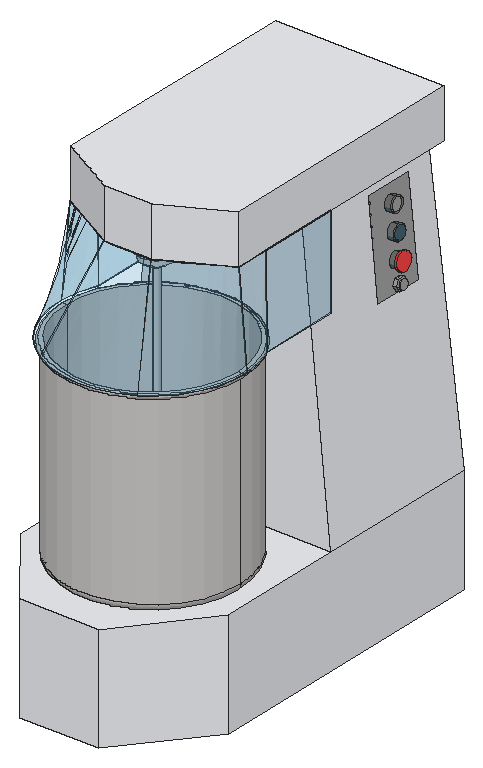
Revit family "QF_ELECTROLUXPROFESSIONAL_291253_ZSP30", category Specialty Equipment, Revit 2018
Family settings
  Round Connector Dimension = Use Diameter
  Part Type = Normal
  Work Plane-Based = No
  Always vertical = Yes
  Cut with Voids When Loaded = No
  Shared = No
  Room Calculation Point = No
Parameters (values of type "QF_ELECTROLUX_291253_ZSP30")
  Weight = 112.00 kg
  Watts = 0 W
  Volts = 400 V
  URL Manufacturer = "http://professional.electrolux.com"
  URL = "http://professional.electrolux.com"
  Steam Supply Size = 0 mm
  Steam Supply Minimum Pressure = 0.0 Pa
  Steam Supply Maximum Pressure = 0.0 Pa
  Steam Pounds per Hour = 0
  Refrigeration Suction Line Size = 0 mm
  Refrigeration Liquid Line Size = 0 mm
  Refrigerant Compressor Remote = yes
  Manufacturer = "Electrolux"
  Phase = 3
  Model = "ZSP30"
  Length Actual = 420 mm  # constant formula
  Item Number = "291253"
  Hot Water Size = 0 mm
  Height Actual = 910 mm  # constant formula
  HP = "1.5 HP"
  Gas Size = 0 mm
  Gas KW = 0
  Gas Input Pressure = 0 W
  Direct Waste Size = 0 mm
  Description = "SPIRAL DOUGH KNEADER 38L 1SP.400/3"
  Depth Actual = 760 mm  # constant formula
  Cycle = 50 Hz
  Condensate Return Size = 0 mm
  Compressed Air Volume = 0.0 L/s
  Compressed Air Size = 0 mm
  Compressed Air Pressure = 0.0 Pa
  Cold Water Size = 0 mm
  Accessory = yes
Types (2, lengths in mm): name | URL | Manufacturer | Phase | Model | Description
  (no name) | 0 | 0 | 0 | 0 | 0
  QF_ELECTROLUX_291253_ZSP30 | "http://professional.electrolux.com" | "Electrolux" | 3 | "ZSP30" | "SPIRAL DOUGH KNEADER 38L 1SP.400/3"
Values of the unnamed type that differ from the named types
  Volts = 0 V
  URL Manufacturer = ""
  Item Number = ""
  Cycle = 0 Hz
Reference planes
  plane 1 "Center (Front/Back)": y = 0
  plane 2: z = 0
  plane 3 "Center (Left/Right)": x = 0
  plane 4 "BASE": z = 225
  plane 5 "TOP": z = 910
  plane 6 "FRONT": y = -380
  plane 7 "BACK": y = 380
  plane 8 "LEFT": x = -210
  plane 9 "RIGHT": x = 210
  plane 10: z = 810
  plane 11 "CX": y = -145
  plane 12 "PANEL": through (210.113, -1524, 223.861) normal (-0.9949, 0, -0.1012)
Forms (mm)
  Extrusion 1, solid, material "QF_Finishes_White"
    sketch origin (0, 0, 0) x (1, 0, 0) y (0, 1, 0)
      loop
        line (-190, 360) -> (-190, 320) -> (-170, 320) -> (-170, 360) -> (-190, 360)
      loop
        line (-190, -165) -> (-190, -205) -> (-170, -205) -> (-170, -165) -> (-190, -165)
      loop
        line (190, 360) -> (170, 360) -> (170, 320) -> (190, 320) -> (190, 360)
      loop
        line (190, -165) -> (170, -165) -> (170, -205) -> (190, -205) -> (190, -165)
    from 0 to 10
  Extrusion 2, solid, material "QF_Finishes_White"
    sketch origin (0, 0, 0) x (1, 0, 0) y (0, 1, 0)
      loop
        line (-210, 380) -> (-210, -215) -> (-80, -380) -> (80, -380) -> (210, -215) -> (210, 380) -> (-210, 380)
    from 225 to 10
  Blend 3, solid, material "QF_Finishes_White"
    base sketch origin (0, 0, 0) x (1, 0, 0) y (0, 1, 0)
      loop
        line (-210, 380) -> (-210, 45) -> (210, 45) -> (210, 380) -> (-210, 380)
    top sketch origin (0, 0, 0) x (1, 0, 0) y (0, 1, 0)
      loop
        line (-150.517, 365) -> (-150.517, 45) -> (150.517, 45) -> (150.517, 365) -> (-150.517, 365)
    from 225 to 810
  Extrusion 4, solid, material "QF_Finishes_White"
    sketch origin (0, 0, 0) x (1, 0, 0) y (0, 1, 0)
      loop
        line (-170.116, 380) -> (-170.116, -138.643) -> (-47.5, -206.259) -> (47.5, -206.259) -> (170, -138.759) -> (170, 380) -> (-170.116, 380)
    from 910 to 810
  Revolve 5, solid, material "QF_Finishes_Stainless Steel"
    sketch origin (0, 20.508, -90) x (0, 1, 0) y (0, 0, 1)
      loop
        line (-116.74, 900) -> (-155.508, 900) -> (-155.508, 404.668) -> (-149.084, 404.668) -> (-149.084, 839.668) -> (-124.213, 856.444) -> (-124.213, 871.444) -> (-116.74, 871.444) -> (-116.74, 900)
      axis (-155.508, 404.668) -> (-155.508, 900)
    angle from 0 to 360
  Revolve 6, solid, material "QF_Finishes_Stainless Steel"
    sketch origin (0, -145, 0) x (0, 0, 1) y (1, 0, 0)
      loop
        line (623.04, 174.01) -> (623.04, 181.448)
        arc (623.04, 181.448) -> (619.488, 185) -> (615.937, 181.448) r 3.552
        line (615.937, 181.448) -> (615.937, 179.01) -> (240.325, 179.01)
        arc (240.325, 179.01) -> (229.489, 174.522) -> (225, 163.685) r 15.325
        line (225, 163.685) -> (225, 0) -> (230, 0) -> (230, 163.685)
        arc (230, 163.685) -> (233.024, 170.986) -> (240.325, 174.01) r 10.325
        line (240.325, 174.01) -> (623.04, 174.01)
      axis (225, 0) -> (623.04, 0)
    angle from 0 to 360
  Extrusion 7, solid, material "QF_Finishes_Gray"
    sketch origin (200.033, 0, 323.006) x (0.101155, 0, -0.994871) y (0, -1, 0)
      loop
        line (-459.766, -207.929) -> (-459.766, -307.929) -> (-269.766, -307.929) -> (-269.766, -207.929) -> (-459.766, -207.929)
    from 0 to -2
  Extrusion 8, solid, material "QF_Finishes_Rubber Black"
    sketch origin (200.033, 0, 323.006) x (0.101155, 0, -0.994871) y (0, -1, 0)
      loop
        circle (-428.413, -257.929) r 15
      loop
        circle (-428.413, -257.929) r 13
      loop
        circle (-378.413, -257.929) r 15
      loop
        circle (-378.413, -257.929) r 13
      loop
        circle (-328.413, -257.929) r 15
      loop
        circle (-328.413, -257.929) r 13
    from -2 to -16.389
  Extrusion 9, solid, material "QF_Finishes_Gray"
    sketch origin (200.033, 0, 323.006) x (0.101155, 0, -0.994871) y (0, -1, 0)
      loop
        circle (-428.413, -257.929) r 13
    from -2 to -16.389
  Extrusion 10, solid, material "QF_Finishes_Green"
    sketch origin (206.707, 0, 273.453) x (0.101155, 0, -0.994871) y (0, -1, 0)
      loop
        circle (-428.413, -257.929) r 13
    from -2 to -16.389
  Extrusion 11, solid, material "QF_Finishes_Red"
    sketch origin (200.033, 0, 323.006) x (0.101155, 0, -0.994871) y (0, -1, 0)
      loop
        circle (-328.413, -257.929) r 18
    from -16.389 to -20.985
  Extrusion 12, solid, material "QF_Finishes_Gray"
    sketch origin (200.033, 0, 323.006) x (0.101155, 0, -0.994871) y (0, -1, 0)
      loop
        line (-286.257, -270.541) -> (-275.335, -264.235) -> (-275.335, -251.623) -> (-286.257, -245.318) -> (-297.179, -251.623) -> (-297.179, -264.235) -> (-286.257, -270.541)
      loop
        circle (-286.257, -257.929) r 9
    from -12.471 to -2
  Extrusion 13, solid, material "QF_Finishes_Gray"
    sketch origin (200.033, 0, 323.006) x (0.101155, 0, -0.994871) y (0, -1, 0)
      loop
        circle (-286.257, -257.929) r 9
    from -2 to -16.389
  Extrusion 14, solid, material "QF_Finishes_Stainless Steel"
    sketch origin (0, 380, 0) x (-1, 0, 0) y (0, 0, 1)
      loop
        circle (0, 160) r 10
    from 0 to 3.664
  Blend 15, solid, material "Glass"
    base sketch origin (0, 0, 0) x (1, 0, 0) y (0, 1, 0)
      loop
        line (-170.116, 94.595) -> (-172.116, 94.595) -> (-172.116, -66.892)
        arc (-172.116, -66.892) -> (-184.168, -102.49) -> (-188.938, -139.768) r 189.01
        arc (-188.938, -139.768) -> (-166.168, -235.073) -> (-98.739, -306.169) r 189.01
        arc (-98.739, -306.169) -> (0, -334.01) -> (98.739, -306.169) r 189.01
        arc (98.739, -306.169) -> (166.168, -235.073) -> (188.938, -139.768) r 189.01
        arc (188.938, -139.768) -> (184.168, -102.49) -> (172.116, -66.892) r 189.01
        line (172.116, -66.892) -> (172.116, 94.595) -> (170.116, 94.595) -> (170.116, -67.326)
        arc (170.116, -67.326) -> (182.17, -102.729) -> (186.939, -139.824) r 187.01
        arc (186.939, -139.824) -> (164.33, -234.267) -> (97.409, -304.638) r 187.01
        arc (97.409, -304.638) -> (0, -332.01) -> (-97.409, -304.638) r 187.01
        arc (-97.409, -304.638) -> (-164.33, -234.267) -> (-186.939, -139.824) r 187.01
        arc (-186.939, -139.824) -> (-182.17, -102.729) -> (-170.116, -67.326) r 187.01
        line (-170.116, -67.326) -> (-170.116, 94.595)
    top sketch origin (0, 0, 0) x (1, 0, 0) y (0, 1, 0)
      loop
        line (-170.116, 94.595) -> (-172.116, 94.595) -> (-172.116, -70.405) -> (-172.116, -139.824) -> (-48.015, -208.259) -> (48.015, -208.259) -> (172.116, -139.876) -> (172.116, -70.405) -> (172.116, 94.595) -> (170.116, 94.595) -> (170.116, -70.405) -> (170.116, -138.695) -> (47.5, -206.259) -> (-47.5, -206.259) -> (-170.116, -138.643) -> (-170.116, -70.405) -> (-170.116, 94.595)
    from 623.04 to 810
Lines and regions (mm)
  symbolic lines
    curve 1: line (210, 380, 0) -> (-210, 380, 0)
    curve 2: line (-210, 380, 0) -> (-210, -215, 0)
    curve 3: line (-170.116, 380, 0) -> (-170.116, -138.643, 0)
    curve 4: line (170, -138.759, 0) -> (170, 380, 0)
    curve 5: line (-210, 45, 0) -> (-170.116, 45, 0)
    curve 6: line (210, 45, 0) -> (170, 45, 0)
    curve 7: arc (170, -62.387, 0) -> (0.133, -334.01, 0) -> (-170.116, -62.627, 0) r 189.01
    curve 8: line (-170.116, -138.643, 0) -> (-47.5, -206.259, 0)
    curve 9: line (-47.5, -206.259, 0) -> (47.5, -206.259, 0)
    curve 10: line (47.5, -206.259, 0) -> (170, -138.759, 0)
    curve 11: line (80, -380, 0) -> (210, -215, 0)
    curve 12: line (-80, -380, 0) -> (80, -380, 0)
    curve 13: line (-210, -215, 0) -> (-80, -380, 0)
    curve 14: line (182.52, 307.929, 0) -> (170, 307.929, 0)
    curve 15: line (170, 187.929, 0) -> (182.52, 187.929, 0)
    curve 16: line (182.52, 187.929, 0) -> (182.52, 307.929, 0)
    curve 17: line (210, -215, 0) -> (210, 380, 0)
Dimensions and locks
  plane 4 "BASE" to level = 225 mm
  plane 5 "TOP" to level = 910 mm  (x2)
  equal spacing: plane 8 "LEFT", plane 3 "Center (Left/Right)", plane 9 "RIGHT"
  plane 7 "BACK" to plane 1 "Center (Front/Back)" to plane 6 "FRONT" = 380 mm locked, 380 mm
  plane 7 "BACK" to plane 6 "FRONT" = 760 mm
  plane 8 "LEFT" to plane 9 "RIGHT" = 420 mm
  plane 5 "TOP" to plane 10 = 100 mm
  plane 6 "FRONT" to plane 11 "CX" = 235 mm
  plane 11 "CX" to plane 6 "FRONT" = 235 mm
  plane 10 to level = 810 mm
  aligned and locked: level to plane 2
Automatic sketch dimensions
  plane 8 "LEFT" to Extrusion 1 sketch curve = 20 mm  (x2)
  Extrusion 1 sketch curve to Extrusion 1 sketch curve = 20 mm  (x3)
  plane 9 "RIGHT" to Extrusion 1 sketch curve = 40 mm  (x2)
  Extrusion 1 sketch curve to plane 7 "BACK" = 20 mm  (x2)
  plane 9 "RIGHT" to Extrusion 1 sketch curve = 20 mm
  Extrusion 1 sketch curve to plane 7 "BACK" = 60 mm
  Extrusion 1 sketch curve to Extrusion 1 sketch curve = 40 mm  (x3)
  Extrusion 1 sketch curve to plane 11 "CX" = 20 mm  (x2)
  plane 8 "LEFT" to Extrusion 2 sketch curve = 0 mm
  plane 9 "RIGHT" to Extrusion 2 sketch curve = 0 mm
  Extrusion 2 sketch curve to plane 11 "CX" = 70 mm  (x2)
  Extrusion 2 sketch curve to plane 7 "BACK" = 0 mm
  plane 6 "FRONT" to Extrusion 2 sketch curve = 0 mm
  Extrusion 2 sketch curve to plane 3 "Center (Left/Right)" = 80 mm
  Extrusion 2 sketch curve to Extrusion 2 sketch curve = 0 mm  (x2)
  plane 3 "Center (Left/Right)" to Extrusion 2 sketch curve = 80 mm
  plane 8 "LEFT" to Blend 3 sketch curve = 0 mm
  plane 9 "RIGHT" to Blend 3 sketch curve = 0 mm
  Blend 3 sketch curve to plane 1 "Center (Front/Back)" = 45 mm  (x2)
  Blend 3 sketch curve to plane 7 "BACK" = 0 mm
  plane 8 "LEFT" to Blend 3 sketch curve = 59.483 mm
  plane 9 "RIGHT" to Blend 3 sketch curve = 59.483 mm
  Blend 3 sketch curve to plane 7 "BACK" = 15 mm
  plane 8 "LEFT" to Extrusion 4 sketch curve = 39.884 mm
  Extrusion 4 sketch curve to plane 3 "Center (Left/Right)" = 47.5 mm
  plane 3 "Center (Left/Right)" to Extrusion 4 sketch curve = 47.5 mm
  plane 11 "CX" to Extrusion 4 sketch curve = 6.241 mm
  plane 9 "RIGHT" to Extrusion 4 sketch curve = 40 mm
  Extrusion 4 sketch curve to plane 11 "CX" = 61.259 mm
  plane 11 "CX" to Extrusion 4 sketch curve = 6.357 mm
  Extrusion 4 sketch curve to plane 7 "BACK" = 0 mm
  Revolve 5 sketch curve to plane 10 = 0 mm
  plane 11 "CX" to Revolve 5 sketch curve = 10 mm  (x2)
  Revolve 5 sketch curve to Revolve 5 sketch curve = 6.424 mm
  Revolve 5 sketch curve to Revolve 5 sketch curve = 24.871 mm
  Revolve 5 sketch curve to Revolve 5 sketch curve = 7.472 mm
  Revolve 5 sketch curve to plane 10 = 28.556 mm
  Revolve 5 sketch curve to Revolve 5 sketch curve = 15 mm
  Revolve 5 sketch curve to Revolve 5 sketch curve = 16.776 mm
  plane 4 "BASE" to Revolve 5 sketch curve = 89.668 mm
  Revolve 5 sketch curve to plane 10 = 15 mm
  Revolve 5 sketch curve to Revolve 5 sketch curve = 10 mm
  Revolve 6 sketch curve to Revolve 6 sketch curve = 0 mm  (x2)
  Revolve 6 sketch curve to plane 4 "BASE" = 0 mm
  Revolve 6 sketch curve to plane 3 "Center (Left/Right)" = 0 mm  (x2)
  plane 4 "BASE" to Revolve 6 sketch curve = 5 mm
  Revolve 6 sketch curve to Revolve 6 sketch curve = 10.325 mm
  plane 9 "RIGHT" to Revolve 6 sketch curve = 30.99 mm
  Revolve 6 sketch curve to plane 10 = 194.063 mm
  Revolve 6 sketch curve to Revolve 6 sketch curve = 3.552 mm
  Revolve 6 sketch curve to Revolve 6 sketch curve = 2.438 mm
  Revolve 6 sketch curve to Revolve 6 sketch curve = 15.605 mm
  plane 5 "TOP" to Revolve 6 sketch curve = 25.605 mm
  Extrusion 14 sketch curve to plane 3 "Center (Left/Right)" = 0 mm
  Extrusion 14 sketch curve to plane 4 "BASE" = 65 mm
  Blend 15 sketch curve to Blend 15 sketch curve = 0 mm  (x92)
  Blend 15 sketch curve to plane 3 "Center (Left/Right)" = 0 mm
  Blend 15 sketch curve to plane 11 "CX" = 0 mm
  plane 8 "LEFT" to Blend 15 sketch curve = 39.884 mm
  Blend 15 sketch curve to Blend 15 sketch curve = 2 mm  (x5)
  plane 9 "RIGHT" to Blend 15 sketch curve = 39.884 mm  (x2)
  plane 1 "Center (Front/Back)" to Blend 15 sketch curve = 67.326 mm
  Blend 15 sketch curve to Blend 15 sketch curve = 0.434 mm
  Blend 15 sketch curve to plane 1 "Center (Front/Back)" = 94.595 mm  (x4)
  plane 6 "FRONT" to Blend 15 sketch curve = 75.362 mm  (x2)
  Blend 15 sketch curve to Blend 15 sketch curve = 1.33 mm  (x2)
  plane 11 "CX" to Blend 15 sketch curve = 5.176 mm  (x3)
  Blend 15 sketch curve to Blend 15 sketch curve = 1.999 mm  (x2)
  plane 8 "LEFT" to Blend 15 sketch curve = 37.884 mm
  Blend 15 sketch curve to plane 3 "Center (Left/Right)" = 48.015 mm
  Blend 15 sketch curve to Blend 15 sketch curve = 0.515 mm  (x2)
  plane 3 "Center (Left/Right)" to Blend 15 sketch curve = 47.5 mm
  plane 11 "CX" to Blend 15 sketch curve = 5.124 mm
  Blend 15 sketch curve to plane 11 "CX" = 61.259 mm
  Blend 15 sketch curve to Blend 15 sketch curve = 1.181 mm  (x2)
  Blend 15 sketch curve to Blend 15 sketch curve = 68.29 mm
  Blend 15 sketch curve to Blend 15 sketch curve = 68.238 mm
  Extrusion 7 sketch curve to plane 7 "BACK" = 72.071 mm
  Extrusion 7 sketch curve to Extrusion 7 sketch curve = 190 mm
  Extrusion 7 sketch curve to Extrusion 7 sketch curve = 100 mm
  Extrusion 8 sketch curve to Extrusion 8 sketch curve = 0 mm  (x8)
  Extrusion 8 sketch curve to plane 7 "BACK" = 122.071 mm
  Extrusion 8 sketch curve to Extrusion 8 sketch curve = 50 mm  (x2)
  Extrusion 9 sketch curve to plane 7 "BACK" = 122.071 mm
  Extrusion 10 sketch curve to plane 7 "BACK" = 122.071 mm
  Extrusion 11 sketch curve to plane 7 "BACK" = 122.071 mm
  Extrusion 12 sketch curve to plane 7 "BACK" = 128.377 mm
  Extrusion 12 sketch curve to plane 7 "BACK" = 134.682 mm
  Extrusion 12 sketch curve to Extrusion 12 sketch curve = 10.922 mm  (x3)
  Extrusion 12 sketch curve to plane 7 "BACK" = 109.459 mm
  Extrusion 12 sketch curve to Extrusion 12 sketch curve = 0 mm
  Extrusion 12 sketch curve to Extrusion 12 sketch curve = 6.306 mm  (x2)
  Extrusion 12 sketch curve to Extrusion 12 sketch curve = 12.612 mm  (x2)
  Extrusion 13 sketch curve to plane 7 "BACK" = 122.071 mm
  curve 13 to plane 8 "LEFT" = 0 mm
  curve 13 to plane 6 "FRONT" = 0 mm
  curve 7 to plane 3 "Center (Left/Right)" = 0 mm
  curve 4 to plane 7 "BACK" = 0 mm
  curve 1 to plane 9 "RIGHT" = 0 mm
  curve 7 to plane 11 "CX" = 0 mm
  plane 11 "CX" to curve 8 = 6.357 mm
  plane 8 "LEFT" to curve 8 = 39.884 mm
  curve 13 to plane 3 "Center (Left/Right)" = 80 mm
  curve 9 to plane 3 "Center (Left/Right)" = 47.5 mm
  plane 3 "Center (Left/Right)" to curve 9 = 47.5 mm
  plane 3 "Center (Left/Right)" to curve 12 = 80 mm
  plane 11 "CX" to curve 10 = 6.241 mm
  plane 9 "RIGHT" to curve 10 = 40 mm
  curve 14 to curve 14 = 12.52 mm
  curve 2 to plane 11 "CX" = 70 mm
  curve 11 to plane 11 "CX" = 70 mm
  curve 10 to plane 11 "CX" = 61.259 mm
  curve 15 to plane 1 "Center (Front/Back)" = 187.929 mm
  curve 16 to plane 7 "BACK" = 72.071 mm
  plane 1 "Center (Front/Back)" to curve 7 = 62.627 mm
  curve 6 to plane 1 "Center (Front/Back)" = 45 mm
  curve 5 to plane 1 "Center (Front/Back)" = 45 mm
  radius of Extrusion 14 sketch curve = 10 mm
  radius of Extrusion 8 sketch curve = 15 mm  (x3)
  radius of Extrusion 8 sketch curve = 13 mm  (x3)
  radius of Extrusion 9 sketch curve = 13 mm
  radius of Extrusion 10 sketch curve = 13 mm
  radius of Extrusion 11 sketch curve = 18 mm
  radius of Extrusion 12 sketch curve = 9 mm
  radius of Extrusion 13 sketch curve = 9 mm
Connectors
  electrical at (0, 383.664, 160), driven by "Volts"
    settings: on Extrusion 14, index 1, voltage 400 V, apparent load 0 VA, apparent load phase1 0 VA, apparent load phase2 0 VA, apparent load phase3 0 VA, power factor 1, load classification "Other", number of poles 1, system type 30, power factor state 1, is connector primary yes, connector utility no, sub classification motor no, connector description "Electrical Connection"
